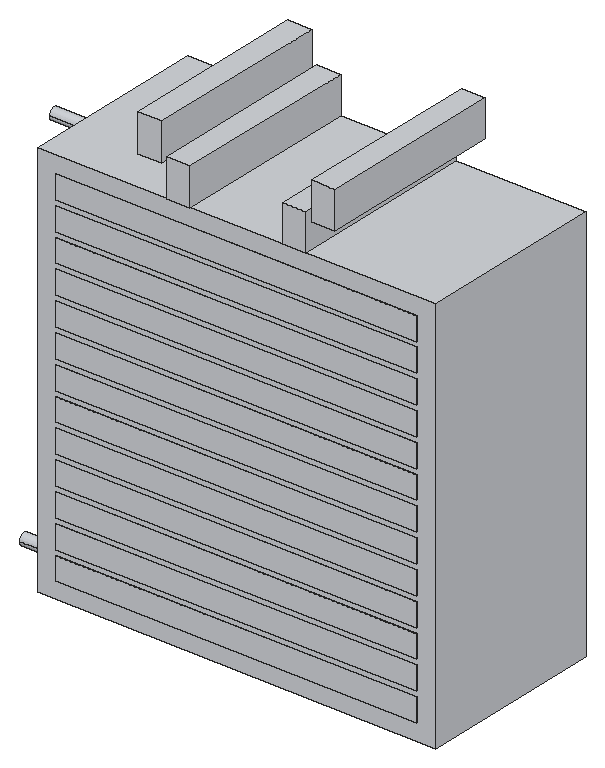
Revit family "Mark Tanner MDA verwarmer plafondmontage", category Mechanical Equipment, Revit 2016
Family settings
  Part Type = Normal
  Round Connector Dimension = Use Diameter
  OmniClass Number = 23.75.00.00
  OmniClass Title = Climate Control (HVAC)
  Work Plane-Based = No
  Always vertical = Yes
  Cut with Voids When Loaded = No
  Shared = No
  Room Calculation Point = No
Parameters
  zichtbaar_02 [instance] = horizontaal uitblazen  # yes
  zichtbaar_01 [instance] = not(horizontaal uitblazen)  # no
  voltage = 0 V
  vermogen = 0 W
  schijnbaar_vermogen = voltage * nominale stroom  # 0 VA
  o2 [instance] = if(hoek = 90.00°, 813 mm, 145 mm + h1 / 2)  # 575 mm
  o1 = 660 mm
  nominale stroom = 0 A
  lengte = l1  # 860 mm
  l3 = l1 + 100 mm  # 960 mm
  l2 = 450 mm
  l1 = h1  # 860 mm
  horizontaal uitblazen [instance] = yes
  hoogte = h1  # 860 mm
  hoek [instance] = if(horizontaal uitblazen, 0.00°, 90.00°)  # 0.00°
  h1 = 860 mm
  gewicht = ""
  elektrisch_vermogen = 0 W
  debiet = 0.0 L/s
  con 1_RN = con 1_DN / 2  # 12.5 mm
  con 1_DN = 25 mm
  breedte = b1  # 405 mm
  b2 = b1 - 80 mm  # 325 mm
  b1 = 405 mm
  artikelnummer = ""
  aantal_polen = 1
  URL = "http://www.mark.nl/producten/"
  Type Comments = "MDA 121, 2 rijige wisselaar, 1 fase 230V fan, ,waterzijdige aansluiting 1"
  Model = "MDA 100"
  Manufacturer = "Mark"  # constant formula
Reference planes
  plane 1 "Center (Front/Back)": y = 0
  plane 2: z = 0
  plane 3 "Center (Left/Right)": x = 0
  plane 4: x = -430
  plane 5: x = 430
  plane 6: z = -575
Lines and regions (mm)
  reference lines
    curve 1: line (0, 0, -575) -> (0, 660, -575)
Dimensions and locks
  "l1": plane 4 to plane 5
  equal spacing: plane 4, plane 3 "Center (Left/Right)", plane 5
  "o2": plane 2 to plane 6
  "o1": curve 1 to curve 1
  "hoek": angle curve 1 to plane 6
  aligned and locked: level to plane 2
  aligned and locked: plane 6 to curve 1
  aligned and locked: plane 1 "Center (Front/Back)" to curve 1
  aligned and locked: plane 1 "Center (Front/Back)" to nested 2
  aligned and locked: nested 1 to plane 1 "Center (Front/Back)"
  aligned and locked: nested 3 to curve 1
Nested families
  nested 1: "Plafond console met trillingsreduceerset" at (0, 0, 0) x (0, 1, 0) z (0, 0, 1), b1 <- "b2", l1 <- "l3", visible <- "zichtbaar_01", type "trillingsreduceerset"
    with l1 960 mm, b1 325 mm
  nested 2: "Plafond console" at (0, 202.5, 0) x (0, 1, 0) z (0, 0, 1), b1 <- "b2", l1 <- "b1", visible <- "zichtbaar_02", type "plafond console"
    with l1 405 mm, b1 325 mm
  nested 3: "Verwarmer" at (0, 202.5, -145), b1 <- "b1", h1 <- "h1", l1 <- "l1", r1 <- "con 1_RN", type "MDA 100"
    with r1 12.5 mm, l1 860 mm, h1 860 mm, b1 405 mm, b 780 mm, aantal 13, a 790 mm
Connectors
  electrical at (0, 202.5, -145), driven by "aantal_polen", driven by "voltage", driven by "schijnbaar_vermogen"
    settings: on nested 3, index 1, voltage 0 V, apparent load 0 VA, apparent load phase1 0 VA, apparent load phase2 0 VA, apparent load phase3 0 VA, power factor 1, load classification "Other", number of poles 1, system type 31, power factor state 1, is connector primary yes, connector utility no, sub classification motor no, connector description ""
  piping at (-522, 160, -181), diameter 25, driven by "con 1_DN"
    settings: on nested 3, index 2, connector inside diameter 609.6 mm, connector length 0 mm, flow factor 0, pipe flow 0.0 L/s, pressure drop 0.0 Pa, fitting loss kfactor 0, connector angle 0.00°, fixture units 0, engagement length 0 mm, angle of deflection 0.00°, flow configuration 0, flow direction 2, fitting loss method 0, system type 8, joint type 0, gender type 0, connector reference index -1, connector utility 0, adjustable connector no, is connector primary yes, connector description "retour"
  piping at (-522, 80, -969), diameter 25, driven by "con 1_DN"
    settings: on nested 3, index 3, connector inside diameter 609.6 mm, connector length 0 mm, flow factor 0, pipe flow 0.0 L/s, pressure drop 0.0 Pa, fitting loss kfactor 0, connector angle 0.00°, fixture units 0, engagement length 0 mm, angle of deflection 0.00°, flow configuration 0, flow direction 1, fitting loss method 0, system type 7, joint type 0, gender type 0, connector reference index -1, connector utility 0, adjustable connector no, is connector primary no, connector description ""
Definition of nested family "Plafond console met trillingsreduceerset"
  Parameters (values of type "trillingsreduceerset")
    l1 [instance] = 450 mm
    b1 [instance] = 300 mm
    artikelnummer = "5064051"  # constant formula
    URL = "http://www.mark.nl/producten/"
    Manufacturer = "Mark"  # constant formula
    Description = "plafond console"  # constant formula
  Reference planes
    plane 1 "Center (Front/Back)": y = 0
    plane 2: z = 0
    plane 3 "Center (Left/Right)": x = 0
    plane 4: x = -225
    plane 5: x = 225
    plane 6: y = 150
    plane 7: y = -150
    plane 8: z = -813
    plane 9: z = -813
  Forms (mm)
    Sweep 1, solid
      path origin (0, 0, 0) x (1, 0, 0) y (0, 0, 1)
        loop
          line (-225, -813) -> (-225, 0) -> (225, 0) -> (225, -813)
      profile origin (-225, 0, -406.5) x (-1, 0, 0) y (0, -1, 0)
        loop
          line (0, 150) -> (0, 200) -> (-50, 200) -> (-50, 150) -> (0, 150)
    Sweep 2, solid
      path origin (0, 0, 0) x (1, 0, 0) y (0, 0, 1)
        loop
          line (225, -813) -> (225, 0) -> (-225, 0) -> (-225, -813)
      profile origin (225, 0, -406.5) x (-1, 0, 0) y (0, -1, 0)
        loop
          line (0, -150) -> (0, -200) -> (50, -200) -> (50, -150) -> (0, -150)
  Dimensions and locks
    equal spacing: plane 4, plane 3 "Center (Left/Right)", plane 5
    "l1": plane 4 to plane 5
    equal spacing: plane 7, plane 1 "Center (Front/Back)", plane 6
    "b1": plane 6 to plane 7
    plane 2 to plane 8 = 813 mm
    plane 9 to plane 2 = 813 mm
    aligned and locked: level to plane 2
    aligned and locked: Sweep 1 sketch curve to plane 4
    aligned and locked: Sweep 1 sketch curve to plane 2
    aligned and locked: plane 5 to Sweep 1 sketch curve
    aligned and locked: plane 8 to Sweep 1 sketch curve  (x2)
    aligned and locked: Sweep 2 sketch curve to plane 5
    aligned and locked: plane 4 to Sweep 2 sketch curve
    aligned and locked: Sweep 2 sketch curve to plane 2
    aligned and locked: plane 9 to Sweep 2 sketch curve  (x2)
    aligned and locked: plane 6 to Sweep 2
    aligned and locked: plane 7 to Sweep 1
  Automatic sketch dimensions
    Sweep 1 sketch curve to profile plane = 0 mm
    profile plane to Sweep 1 sketch curve = 50 mm
    plane 1 "Center (Front/Back)" to Sweep 1 sketch curve = 150 mm
    Sweep 1 sketch curve to Sweep 1 sketch curve = 50 mm
    Sweep 2 sketch curve to profile plane = 0 mm
    Sweep 2 sketch curve to profile plane = 50 mm
    Sweep 2 sketch curve to plane 1 "Center (Front/Back)" = 200 mm
    Sweep 2 sketch curve to Sweep 2 sketch curve = 50 mm
Definition of nested family "Plafond console"
  Parameters (values of type "trillingsreduceerset")
    l1 [instance] = 450 mm
    b1 [instance] = 300 mm
    artikelnummer = "5064051"  # constant formula
    URL = "http://www.mark.nl/producten/"
    Manufacturer = "Mark"  # constant formula
    Description = "plafond console"  # constant formula
  Reference planes
    plane 1 "Center (Front/Back)": y = 0
    plane 2: z = 0
    plane 3 "Center (Left/Right)": x = 0
    plane 4: x = -225
    plane 5: x = 225
    plane 6: y = 150
    plane 7: y = -150
    plane 8: z = -813
    plane 9: z = -813
    plane 10: z = -878
    plane 11: z = -878
  Forms (mm)
    Sweep 1, solid
      path origin (0, 0, 0) x (1, 0, 0) y (0, 0, 1)
        loop
          line (-225, 0) -> (225, 0)
      profile origin (0, 0, 0) x (0, 0, 1) y (0, -1, 0)
        loop
          line (0, 150) -> (0, 200) -> (-80, 200) -> (-80, 150) -> (0, 150)
    Sweep 2, solid
      path origin (0, 0, 0) x (1, 0, 0) y (0, 0, 1)
        loop
          line (225, 0) -> (-225, 0)
      profile origin (0, 0, 0) x (0, 0, -1) y (0, -1, 0)
        loop
          line (0, -150) -> (0, -200) -> (80, -200) -> (80, -150) -> (0, -150)
    Sweep 3, solid
      path origin (0, -125, -65) x (1, 0, 0) y (0, 0, 1)
        loop
          line (225, 0) -> (-225, 0)
      profile origin (0, -125, -65) x (0, 0, -1) y (0, -1, 0)
        loop
          line (0, -225) -> (0, -275) -> (80, -275) -> (80, -225) -> (0, -225)
    Sweep 4, solid
      path origin (0, 125, -65) x (1, 0, 0) y (0, 0, 1)
        loop
          line (-225, 0) -> (225, 0)
      profile origin (0, 125, -65) x (0, 0, 1) y (0, -1, 0)
        loop
          line (0, 225) -> (0, 275) -> (-80, 275) -> (-80, 225) -> (0, 225)
  Dimensions and locks
    equal spacing: plane 4, plane 3 "Center (Left/Right)", plane 5
    "l1": plane 4 to plane 5
    equal spacing: plane 7, plane 1 "Center (Front/Back)", plane 6
    "b1": plane 6 to plane 7
    plane 2 to plane 8 = 813 mm
    plane 9 to plane 2 = 813 mm
    aligned and locked: level to plane 2
    aligned and locked: Sweep 1 sketch curve to plane 2
    aligned and locked: Sweep 2 sketch curve to plane 2
    aligned and locked: plane 6 to Sweep 2
    aligned and locked: Sweep 3 to Sweep 2
    aligned and locked: plane 7 to Sweep 1
    aligned and locked: Sweep 4 to Sweep 1
  Automatic sketch dimensions
    Sweep 1 sketch curve to plane 4 = 0 mm
    plane 5 to Sweep 1 sketch curve = 0 mm
    profile plane to Sweep 1 sketch curve = 0 mm
    profile plane to Sweep 1 sketch curve = 80 mm
    plane 1 "Center (Front/Back)" to Sweep 1 sketch curve = 150 mm
    Sweep 1 sketch curve to Sweep 1 sketch curve = 50 mm
    Sweep 2 sketch curve to plane 4 = 0 mm
    plane 5 to Sweep 2 sketch curve = 0 mm
    Sweep 2 sketch curve to profile plane = 0 mm
    Sweep 2 sketch curve to profile plane = 80 mm
    Sweep 2 sketch curve to plane 1 "Center (Front/Back)" = 200 mm
    Sweep 2 sketch curve to Sweep 2 sketch curve = 50 mm
    Sweep 3 sketch curve to level = 65 mm
    Sweep 3 sketch curve to plane 4 = 0 mm
    plane 5 to Sweep 3 sketch curve = 0 mm
    Sweep 3 sketch curve to profile plane = 0 mm
    Sweep 3 sketch curve to profile plane = 80 mm
    Sweep 3 sketch curve to profile plane = 275 mm
    Sweep 3 sketch curve to Sweep 3 sketch curve = 50 mm
    Sweep 4 sketch curve to level = 65 mm
    Sweep 4 sketch curve to plane 4 = 0 mm
    plane 5 to Sweep 4 sketch curve = 0 mm
    profile plane to Sweep 4 sketch curve = 0 mm
    profile plane to Sweep 4 sketch curve = 80 mm
    profile plane to Sweep 4 sketch curve = 225 mm
    Sweep 4 sketch curve to Sweep 4 sketch curve = 50 mm
Definition of nested family "Verwarmer"
  Parameters (values of type "MDA 100")
    r1 [instance] = 12.5 mm
    l1 [instance] = 860 mm
    h1 [instance] = 860 mm
    b1 [instance] = 405 mm
    b [instance] = l1 - 80 mm  # 780 mm
    aantal [instance] = a / 60 mm  # 13
    a [instance] = h1 - 70 mm  # 790 mm
    Default Elevation = 1219.2 mm
  Reference planes
    plane 1 "Center (Front/Back)": y = 0
    plane 2: z = 0
    plane 3 "Center (Left/Right)": x = 0
    plane 4: x = -430
    plane 5: x = 430
    plane 6: x = -390
    plane 7: x = 390
    plane 8: y = 202.5
    plane 9: y = -202.5
    plane 10: y = -42.5
    plane 11: y = -122.5
    plane 12: z = -860
    plane 13: z = -36
    plane 14: z = -824
    plane 15: z = -430
  Forms (mm)
    Extrusion 1, solid
      sketch origin (0, 0, 0) x (1, 0, 0) y (0, 1, 0)
        loop
          line (-430, 202.5) -> (-430, -202.5) -> (430, -202.5) -> (430, 202.5) -> (-430, 202.5)
      from 0 to -860
    Sweep 2, solid
      path origin (1317.187, -1524, -36) x (0, -1, 0) y (1, 0, 0)
        loop
          line (-1401.5, -1747.187) -> (-1401.5, -1839.187)
      profile origin (-476, -122.5, -36) x (0, -1, 0) y (0, 0, 1)
        loop
          circle (0, -788) r 12.5
    Sweep 3, solid
      path origin (0, 0, 0) x (1, 0, 0) y (0, 1, 0)
        loop
          line (-522, -30) -> (-430, -30)
      profile origin (-476, -30, 0) x (0, 1, 0) y (0, 0, 1)
        loop
          circle (-12.5, -36) r 12.5
  Dimensions and locks
    equal spacing: plane 4, plane 3 "Center (Left/Right)", plane 5
    "l1": plane 4 to plane 5
    equal spacing: plane 6, plane 3 "Center (Left/Right)", plane 7
    "b1": plane 8 to plane 9
    equal spacing: plane 8, plane 1 "Center (Front/Back)", plane 9
    locked: plane 9 to plane 11 at 80
    locked: plane 10 to plane 9 at 160
    equal spacing: plane 2, plane 15, plane 12
    "h1": plane 2 to plane 12
    locked: plane 14 to plane 12 at 36
    locked: plane 2 to plane 13 at 36
    plane 13 to plane 14 = 788 mm
    equal spacing: plane 7, plane 3 "Center (Left/Right)", plane 6
    "b": plane 6 to plane 7
    equal spacing: group 1, group 3, group 4, group 5, group 6, group 7, group 8, group 9, group 10, group 11, group 12, group 13, group 2  (x2)
    equal spacing: group 2, group 13, group 12, group 11, group 10, group 9, group 8, group 7, group 6, group 5, group 4, group 3, group 1
    "r1": radius of Sweep 2 sketch curve
    "r1": radius of Sweep 3 sketch curve
    aligned and locked: level to plane 2
    aligned and locked: Extrusion 1 sketch curve to plane 8
    aligned and locked: plane 4 to Extrusion 1 sketch curve
    aligned and locked: plane 5 to Extrusion 1 sketch curve
    aligned and locked: plane 9 to Extrusion 1 sketch curve
    aligned and locked: Extrusion 1 to plane 12
    aligned and locked: plane 4 to Sweep 2 sketch curve
    aligned and locked: Sweep 2 sketch curve to plane 11  (x2)
    aligned and locked: plane 14 to Sweep 2 sketch curve
    aligned and locked: plane 4 to Sweep 3 sketch curve
    aligned and locked: plane 13 to Sweep 3 sketch curve
    aligned and locked: plane 10 to Sweep 3 sketch curve
    aligned and locked: plane 3 "Center (Left/Right)" to nested 1
    aligned and locked: nested 1 to plane 9
    aligned and locked: nested 2 to plane 14
    aligned and locked: nested 2 to plane 9
  Automatic sketch dimensions
    Sweep 2 sketch curve to Sweep 2 sketch curve = 92 mm
    Sweep 3 sketch curve to plane 4 = 92 mm
    plane 1 "Center (Front/Back)" to Sweep 3 sketch curve = 30 mm
  Nested families
    nested 1: "Family5" at (0, -202.5, -36), a <- "b", type "Family5"
      with a 780 mm
    nested 2: "Family5" at (0, -202.5, -774), a <- "b", type "Family5"
      with a 780 mm
    nested 3: "Family5" at (0, -202.5, -97.5), a <- "b", type "Family5"
      with a 780 mm
    nested 4: "Family5" at (0, -202.5, -159), a <- "b", type "Family5"
      with a 780 mm
    nested 5: "Family5" at (0, -202.5, -220.5), a <- "b", type "Family5"
      with a 780 mm
    nested 6: "Family5" at (0, -202.5, -282), a <- "b", type "Family5"
      with a 780 mm
    nested 7: "Family5" at (0, -202.5, -343.5), a <- "b", type "Family5"
      with a 780 mm
    nested 8: "Family5" at (0, -202.5, -405), a <- "b", type "Family5"
      with a 780 mm
    nested 9: "Family5" at (0, -202.5, -466.5), a <- "b", type "Family5"
      with a 780 mm
    nested 10: "Family5" at (0, -202.5, -528), a <- "b", type "Family5"
      with a 780 mm
    nested 11: "Family5" at (0, -202.5, -589.5), a <- "b", type "Family5"
      with a 780 mm
    nested 12: "Family5" at (0, -202.5, -651), a <- "b", type "Family5"
      with a 780 mm
    nested 13: "Family5" at (0, -202.5, -712.5), a <- "b", type "Family5"
      with a 780 mm
  Definition of nested family "Family5"
    Parameters (values of type "Family5")
      a [instance] = 752.12 mm
    Reference planes
      plane 1 "Center (Front/Back)": y = 0
      plane 2: z = 0
      plane 3 "Center (Left/Right)": x = 0
    Forms (mm)
      Extrusion 1, solid
        sketch origin (0, 0, 0) x (1, 0, 0) y (0, 1, 0)
          loop
            line (-376.06, 1.5) -> (-376.06, -1.5) -> (376.06, -1.5) -> (376.06, 1.5) -> (-376.06, 1.5)
        from -50 to 0
    Dimensions and locks
      equal spacing: Extrusion 1 sketch curve, plane 3 "Center (Left/Right)", Extrusion 1 sketch curve
      "a": Extrusion 1 sketch curve to Extrusion 1 sketch curve
      aligned and locked: level to plane 2
    Automatic sketch dimensions
      plane 1 "Center (Front/Back)" to Extrusion 1 sketch curve = 1.5 mm
      Extrusion 1 sketch curve to plane 1 "Center (Front/Back)" = 1.5 mm
Types in the file's own list only (42): name | voltage | vermogen | schijnbaar_vermogen | nominale stroom | lengte | l3 | l2 | l1 | hoogte | h1 | gewicht | elektrisch_vermogen | debiet | con 1_RN | con 1_DN | breedte | b2 | b1 | artikelnummer | aantal_polen | URL | Type Comments | Model
  Tanner MDA 121L | 230 V | 14500 W | 108 VA | 0 A | 450 mm | 550 mm | 387 mm | 450 mm | 450 mm | 450 mm | "22" | 90 W | 1595.0 L/s | 13 mm | 25 mm | 380 mm | 300 mm | 380 mm | "MDA 121L" | 1 | "http://www.mark.nl/luchtverwarming/watergevoed/tanner-mda/" | "MDA 121 ( 2 rijige wisselaar 1 fase 230 V fan waterzijdige aansluiting 1  laag toerental )" | "MDA 100"
  Tanner MDA 131L | 230 V | 17000 W | 108 VA | 0 A | 450 mm | 550 mm | 387 mm | 450 mm | 450 mm | 450 mm | "23" | 90 W | 1446.0 L/s | 13 mm | 25 mm | 380 mm | 300 mm | 380 mm | "MDA 131L" | 1 | "http://www.mark.nl/luchtverwarming/watergevoed/tanner-mda/" | "MDA 131 ( 3 rijige wisselaar  1 fase 230 V fan waterzijdige aansluiting 1 laag toerental)" | "MDA 100"
  Tanner MDA 141L | 230 V | 19000 W | 108 VA | 0 A | 450 mm | 550 mm | 387 mm | 450 mm | 450 mm | 450 mm | "24" | 90 W | 1265.0 L/s | 13 mm | 25 mm | 380 mm | 300 mm | 380 mm | "MDA 141L" | 1 | "http://www.mark.nl/luchtverwarming/watergevoed/tanner-mda/" | "MDA 131 ( 4 rijige wisselaar  1 fase 230 V fan waterzijdige aansluiting 1 laag toerental)" | "MDA 100"
  Tanner MDA 211L | 230 V | 14100 W | 117 VA | 1 A | 580 mm | 680 mm | 517 mm | 580 mm | 580 mm | 580 mm | "30" | 120 W | 2805.0 L/s | 13 mm | 25 mm | 385 mm | 305 mm | 385 mm | "MDA 211L" | 1 | "http://www.mark.nl/luchtverwarming/watergevoed/tanner-mda/" | "MDA 211 ( 1 rijige wisselaar  1 fase 230 V fanwaterzijdige aansluiting 1 laag toerental)" | "MDA 200"
  Tanner MDA 221L | 230 V | 25100 W | 117 VA | 1 A | 580 mm | 680 mm | 517 mm | 580 mm | 580 mm | 580 mm | "32" | 120 W | 2656.0 L/s | 13 mm | 25 mm | 385 mm | 305 mm | 385 mm | "MDA 221L" | 1 | "http://www.mark.nl/luchtverwarming/watergevoed/tanner-mda/" | "MDA 221 ( 2 rijige wisselaar  1 fase 230 V fan waterzijdige aansluiting 1 laag toerental)" | "MDA 200"
  Tanner MDA 231L | 230 V | 30800 W | 117 VA | 1 A | 580 mm | 680 mm | 517 mm | 580 mm | 580 mm | 580 mm | "34" | 120 W | 2381.0 L/s | 13 mm | 25 mm | 385 mm | 305 mm | 385 mm | "MDA 231L" | 1 | "http://www.mark.nl/luchtverwarming/watergevoed/tanner-mda/" | "MDA 231 ( 3 rijige wisselaar  1 fase 230 V fan waterzijdige aansluiting 1 laag toerental)" | "MDA 200"
  Tanner MDA 241L | 230 V | 33300 W | 117 VA | 1 A | 580 mm | 680 mm | 517 mm | 580 mm | 580 mm | 580 mm | "36" | 120 W | 2230.0 L/s | 13 mm | 25 mm | 385 mm | 305 mm | 385 mm | "MDA 241L" | 1 | "http://www.mark.nl/luchtverwarming/watergevoed/tanner-mda/" | "MDA 241 ( 4 rijige wisselaar  1 fase 230 V fan waterzijdige aansluiting 1 laag toerental)" | "MDA 200"
  Tanner MDA 321L | 230 V | 52700 W | 391 VA | 2 A | 730 mm | 830 mm | 667 mm | 730 mm | 730 mm | 730 mm | "43" | 330 W | 6495.0 L/s | 13 mm | 25 mm | 385 mm | 305 mm | 385 mm | "MDA 321L" | 1 | "http://www.mark.nl/luchtverwarming/watergevoed/tanner-mda/" | "MDA 321 ( 2 rijige wisselaar  1 fase 230 V fan waterzijdige aansluiting 1 laag toerental)" | "MDA 300"
  Tanner MDA 331L | 230 V | 65900 W | 391 VA | 2 A | 730 mm | 830 mm | 667 mm | 730 mm | 730 mm | 730 mm | "46" | 330 W | 5857.0 L/s | 16 mm | 32 mm | 385 mm | 305 mm | 385 mm | "MDA 331L" | 1 | "http://www.mark.nl/luchtverwarming/watergevoed/tanner-mda/" | "MDA 331 ( 3 rijige wisselaar  1 fase 230 V fan waterzijdige aansluiting 11/4 laag toerental)" | "MDA 300"
  Tanner MDA 341L | 230 V | 72100 W | 391 VA | 2 A | 730 mm | 830 mm | 667 mm | 730 mm | 730 mm | 730 mm | "49" | 330 W | 5423.0 L/s | 16 mm | 32 mm | 385 mm | 305 mm | 385 mm | "MDA 341L" | 1 | "http://www.mark.nl/luchtverwarming/watergevoed/tanner-mda/" | "MDA 341 ( 4 rijige wisselaar  1 fase 230 V fan waterzijdige aansluiting 11/4 laag toerental)" | "MDA 300"
  Tanner MDA 411L | 230 V | 42500 W | 598 VA | 3 A | 860 mm | 960 mm | 667 mm | 860 mm | 860 mm | 860 mm | "51" | 550 W | 10320.0 L/s | 16 mm | 32 mm | 405 mm | 325 mm | 405 mm | "MDA 411L" | 1 | "http://www.mark.nl/luchtverwarming/watergevoed/tanner-mda/" | "MDA 411 ( 1 rijige wisselaar  1 fase 230 V fanwaterzijdige aansluiting 11/4 laag toerental)" | "MDA 400"
  Tanner MDA 421L | 230 V | 80000 W | 598 VA | 3 A | 860 mm | 960 mm | 667 mm | 860 mm | 860 mm | 860 mm | "55" | 550 W | 9933.0 L/s | 16 mm | 32 mm | 405 mm | 325 mm | 405 mm | "MDA 421L" | 1 | "http://www.mark.nl/luchtverwarming/watergevoed/tanner-mda/" | "MDA 421 ( 2 rijige wisselaar  1 fase 230 V fanwaterzijdige aansluiting 11/4 laag toerental)" | "MDA 400"
  Tanner MDA 431L | 230 V | 101000 W | 598 VA | 3 A | 860 mm | 960 mm | 667 mm | 860 mm | 860 mm | 860 mm | "59" | 550 W | 8816.0 L/s | 20 mm | 40 mm | 405 mm | 325 mm | 405 mm | "MDA 431L" | 1 | "http://www.mark.nl/luchtverwarming/watergevoed/tanner-mda/" | "MDA 431 ( 3 rijige wisselaar  1 fase 230 V fanwaterzijdige aansluiting 11/2 laag toerental)" | "MDA 400"
  Tanner MDA 441L | 230 V | 110000 W | 598 VA | 3 A | 860 mm | 960 mm | 667 mm | 860 mm | 860 mm | 860 mm | "63" | 550 W | 8217.0 L/s | 20 mm | 40 mm | 405 mm | 325 mm | 405 mm | "MDA 441L" | 1 | "http://www.mark.nl/luchtverwarming/watergevoed/tanner-mda/" | "MDA 441 ( 4 rijige wisselaar  1 fase 230 V fanwaterzijdige aansluiting 11/2 laag toerental)" | "MDA 400"
  Tanner MDA 121H | 230 V | 18000 W | 154 VA | 1 A | 450 mm | 550 mm | 387 mm | 450 mm | 450 mm | 450 mm | "22" | 150 W | 2365.0 L/s | 13 mm | 25 mm | 380 mm | 300 mm | 380 mm | "MDA 121H" | 1 | "http://www.mark.nl/luchtverwarming/watergevoed/tanner-mda/" | "MDA 121 ( 2 rijige wisselaar  1 fase 230 V fan waterzijdige aansluiting 1 hoog toerental)" | "MDA 100"
  Tanner MDA 131H | 230 V | 22100 W | 154 VA | 1 A | 450 mm | 550 mm | 387 mm | 450 mm | 450 mm | 450 mm | "23" | 150 W | 2244.0 L/s | 13 mm | 25 mm | 380 mm | 300 mm | 380 mm | "MDA 131H" | 1 | "http://www.mark.nl/luchtverwarming/watergevoed/tanner-mda/" | "MDA 131 ( 3 rijige wisselaar  1 fase 230 V fan waterzijdige aansluiting 1 hoog toerental)" | "MDA 100"
  Tanner MDA 141H | 230 V | 25100 W | 154 VA | 1 A | 450 mm | 550 mm | 387 mm | 450 mm | 450 mm | 450 mm | "24" | 150 W | 1914.0 L/s | 13 mm | 25 mm | 380 mm | 300 mm | 380 mm | "MDA 141H" | 1 | "http://www.mark.nl/luchtverwarming/watergevoed/tanner-mda/" | "MDA 131 ( 4 rijige wisselaar  1 fase 230 V fan waterzijdige aansluiting 1 hoog toerental)" | "MDA 100"
  Tanner MDA 211H | 230 V | 17200 W | 311 VA | 1 A | 580 mm | 680 mm | 517 mm | 580 mm | 580 mm | 580 mm | "30" | 280 W | 4450.0 L/s | 13 mm | 25 mm | 385 mm | 305 mm | 385 mm | "MDA 211H" | 1 | "http://www.mark.nl/luchtverwarming/watergevoed/tanner-mda/" | "MDA 211 ( 1 rijige wisselaar  1 fase 230 V fan waterzijdige aansluiting 1 hoog toerental)" | "MDA 200"
  Tanner MDA 221H | 230 V | 32400 W | 311 VA | 1 A | 580 mm | 680 mm | 517 mm | 580 mm | 580 mm | 580 mm | "32" | 280 W | 4202.0 L/s | 13 mm | 25 mm | 385 mm | 305 mm | 385 mm | "MDA 221H" | 1 | "http://www.mark.nl/luchtverwarming/watergevoed/tanner-mda/" | "MDA 221 ( 2 rijige wisselaar  1 fase 230 V fan waterzijdige aansluiting 1 hoog toerental)" | "MDA 200"
  Tanner MDA 231H | 230 V | 42000 W | 311 VA | 1 A | 580 mm | 680 mm | 517 mm | 580 mm | 580 mm | 580 mm | "34" | 280 W | 3932.0 L/s | 13 mm | 25 mm | 385 mm | 305 mm | 385 mm | "MDA 231H" | 1 | "http://www.mark.nl/luchtverwarming/watergevoed/tanner-mda/" | "MDA 231 ( 3 rijige wisselaar  1 fase 230 V fan waterzijdige aansluiting 1 hoog toerental)" | "MDA 200"
  Tanner MDA 241H | 230 V | 46600 W | 311 VA | 1 A | 580 mm | 680 mm | 517 mm | 580 mm | 580 mm | 580 mm | "34" | 280 W | 3734.0 L/s | 13 mm | 25 mm | 385 mm | 305 mm | 385 mm | "MDA 241H" | 1 | "http://www.mark.nl/luchtverwarming/watergevoed/tanner-mda/" | "MDA 241 ( 4 rijige wisselaar  1 fase 230 V fan waterzijdige aansluiting 1 hoog toerental)" | "MDA 200"
  Tanner MDA 123L | 400 V | 14500 W | 40 VA | 0 A | 450 mm | 550 mm | 387 mm | 450 mm | 450 mm | 450 mm | "22" | 50 W | 1595.0 L/s | 13 mm | 25 mm | 380 mm | 300 mm | 380 mm | "MDA 123L" | 3 | "http://www.mark.nl/luchtverwarming/watergevoed/tanner-mda/" | "MDA 123 ( 2 rijige wisselaar  3 fase 400 V fan waterzijdige aansluiting 1 laag toerental)" | "MDA 100"
  Tanner MDA 133L | 400 V | 17000 W | 40 VA | 0 A | 450 mm | 550 mm | 387 mm | 450 mm | 450 mm | 450 mm | "23" | 50 W | 1446.0 L/s | 13 mm | 25 mm | 380 mm | 300 mm | 380 mm | "MDA 133L" | 3 | "http://www.mark.nl/luchtverwarming/watergevoed/tanner-mda/" | "MDA 133 ( 3 rijige wisselaar  3 fase 400 V fan waterzijdige aansluiting 1 laag toerental)" | "MDA 100"
  Tanner MDA 143L | 400 V | 19000 W | 40 VA | 0 A | 450 mm | 550 mm | 387 mm | 450 mm | 450 mm | 450 mm | "24" | 50 W | 1265.0 L/s | 13 mm | 25 mm | 380 mm | 300 mm | 380 mm | "MDA 143L" | 3 | "http://www.mark.nl/luchtverwarming/watergevoed/tanner-mda/" | "MDA 133 ( 4 rijige wisselaar  3 fase 400 V fan waterzijdige aansluiting 1 laag toerental)" | "MDA 100"
  Tanner MDA 213L | 400 V | 14800 W | 120 VA | 0 A | 580 mm | 680 mm | 517 mm | 580 mm | 580 mm | 580 mm | "30" | 120 W | 3050.0 L/s | 13 mm | 25 mm | 385 mm | 305 mm | 385 mm | "MDA 213L" | 3 | "http://www.mark.nl/luchtverwarming/watergevoed/tanner-mda/" | "MDA 213 ( 1 rijige wisselaar  3 fase 400 V fan waterzijdige aansluiting 1 laag toerental)" | "MDA 200"
  Tanner MDA 223L | 400 V | 26200 W | 120 VA | 0 A | 580 mm | 680 mm | 517 mm | 580 mm | 580 mm | 580 mm | "32" | 120 W | 2865.0 L/s | 13 mm | 25 mm | 385 mm | 305 mm | 385 mm | "MDA 223L" | 3 | "http://www.mark.nl/luchtverwarming/watergevoed/tanner-mda/" | "MDA 223 ( 2 rijige wisselaar  3 fase 400 V fan waterzijdige aansluiting 1 laag toerental)" | "MDA 200"
  Tanner MDA 233L | 400 V | 32400 W | 120 VA | 0 A | 580 mm | 680 mm | 517 mm | 580 mm | 580 mm | 580 mm | "34" | 120 W | 2574.0 L/s | 13 mm | 25 mm | 385 mm | 305 mm | 385 mm | "MDA 233L" | 3 | "http://www.mark.nl/luchtverwarming/watergevoed/tanner-mda/" | "MDA 233 ( 3 rijige wisselaar  3 fase 400 V fan waterzijdige aansluiting 1 laag toerental)" | "MDA 200"
  Tanner MDA 243L | 400 V | 35100 W | 120 VA | 0 A | 580 mm | 680 mm | 517 mm | 580 mm | 580 mm | 580 mm | "36" | 120 W | 2414.0 L/s | 13 mm | 25 mm | 385 mm | 305 mm | 385 mm | "MDA 243L" | 3 | "http://www.mark.nl/luchtverwarming/watergevoed/tanner-mda/" | "MDA 243 ( 4 rijige wisselaar  3 fase 400 V fan waterzijdige aansluiting 1 laag toerental)" | "MDA 200"
  Tanner MDA 323L | 400 V | 52700 W | 272 VA | 1 A | 730 mm | 830 mm | 667 mm | 730 mm | 730 mm | 730 mm | "43" | 280 W | 6495.0 L/s | 13 mm | 25 mm | 385 mm | 305 mm | 385 mm | "MDA 323L" | 3 | "http://www.mark.nl/luchtverwarming/watergevoed/tanner-mda/" | "MDA 323 ( 2 rijige wisselaar  3 fase 400 V fan  waterzijdige aansluiting 1 laag toerental)" | "MDA 300"
  Tanner MDA 333L | 400 V | 65900 W | 272 VA | 1 A | 730 mm | 830 mm | 667 mm | 730 mm | 730 mm | 730 mm | "46" | 280 W | 5857.0 L/s | 16 mm | 32 mm | 385 mm | 305 mm | 385 mm | "MDA 333L" | 3 | "http://www.mark.nl/luchtverwarming/watergevoed/tanner-mda/" | "MDA 333 ( 3 rijige wisselaar  3 fase 400 V fan  waterzijdige aansluiting 11/4 laag toerental)" | "MDA 300"
  Tanner MDA 343L | 400 V | 72100 W | 272 VA | 1 A | 730 mm | 830 mm | 667 mm | 730 mm | 730 mm | 730 mm | "46" | 280 W | 5423.0 L/s | 16 mm | 32 mm | 385 mm | 305 mm | 385 mm | "MDA 343L" | 3 | "http://www.mark.nl/luchtverwarming/watergevoed/tanner-mda/" | "MDA 343 ( 4 rijige wisselaar  3 fase 400 V fan  waterzijdige aansluiting 11/4 laag toerental)" | "MDA 300"
  Tanner MDA 413L | 400 V | 45200 W | 620 VA | 2 A | 860 mm | 960 mm | 667 mm | 860 mm | 860 mm | 860 mm | "52" | 510 W | 11600.0 L/s | 16 mm | 32 mm | 405 mm | 325 mm | 405 mm | "MDA 413L" | 3 | "http://www.mark.nl/luchtverwarming/watergevoed/tanner-mda/" | "MDA 413 ( 1 rijige wisselaar  3 fase 400 V fan  waterzijdige aansluiting 11/4 laag toerental)" | "MDA 400"
  Tanner MDA 423L | 400 V | 84000 W | 400 VA | 1 A | 860 mm | 960 mm | 667 mm | 860 mm | 860 mm | 860 mm | "52" | 510 W | 10868.0 L/s | 16 mm | 32 mm | 405 mm | 325 mm | 405 mm | "MDA 423L" | 3 | "http://www.mark.nl/luchtverwarming/watergevoed/tanner-mda/" | "MDA 423 ( 2 rijige wisselaar  3 fase 400 V fan  waterzijdige aansluiting 11/4 laag toerental)" | "MDA 400"
  Tanner MDA 433L | 400 V | 107000 W | 400 VA | 1 A | 860 mm | 960 mm | 667 mm | 860 mm | 860 mm | 860 mm | "61" | 510 W | 9735.0 L/s | 20 mm | 40 mm | 405 mm | 325 mm | 405 mm | "MDA 433L" | 3 | "http://www.mark.nl/luchtverwarming/watergevoed/tanner-mda/" | "MDA 433 ( 3 rijige wisselaar  3 fase 400 V fan  waterzijdige aansluiting 11/2 laag toerental)" | "MDA 400"
  Tanner MDA 443L | 400 V | 117000 W | 400 VA | 1 A | 860 mm | 960 mm | 667 mm | 860 mm | 860 mm | 860 mm | "64" | 510 W | 9064.0 L/s | 20 mm | 40 mm | 405 mm | 325 mm | 405 mm | "MDA 443L" | 3 | "http://www.mark.nl/luchtverwarming/watergevoed/tanner-mda/" | "MDA 443 ( 4 rijige wisselaar  3 fase 400 V fan  waterzijdige aansluiting 11/2 laag toerental)" | "MDA 400"
  Tanner MDA 123H | 230 V | 18000 W | 58 VA | 0 A | 450 mm | 550 mm | 387 mm | 450 mm | 450 mm | 450 mm | "22" | 150 W | 2365.0 L/s | 13 mm | 25 mm | 380 mm | 300 mm | 380 mm | "MDA 123H" | 1 | "http://www.mark.nl/luchtverwarming/watergevoed/tanner-mda/" | "MDA 123 ( 2 rijige wisselaar  3 fase 400 V fan waterzijdige aansluiting 1 hoog toerental)" | "MDA 100"
  Tanner MDA 133H | 230 V | 22100 W | 58 VA | 0 A | 450 mm | 550 mm | 387 mm | 450 mm | 450 mm | 450 mm | "23" | 150 W | 2244.0 L/s | 13 mm | 25 mm | 380 mm | 300 mm | 380 mm | "MDA 133H" | 1 | "http://www.mark.nl/luchtverwarming/watergevoed/tanner-mda/" | "MDA 133 ( 3 rijige wisselaar  3 fase 400 V fan waterzijdige aansluiting 1 hoog toerental)" | "MDA 100"
  Tanner MDA 143H | 230 V | 25100 W | 58 VA | 0 A | 450 mm | 550 mm | 387 mm | 450 mm | 450 mm | 450 mm | "24" | 150 W | 1914.0 L/s | 13 mm | 25 mm | 380 mm | 300 mm | 380 mm | "MDA 143H" | 1 | "http://www.mark.nl/luchtverwarming/watergevoed/tanner-mda/" | "MDA 133 ( 4 rijige wisselaar  3 fase 400 V fan waterzijdige aansluiting 1 hoog toerental)" | "MDA 100"
  Tanner MDA 213H | 230 V | 17200 W | 154 VA | 1 A | 580 mm | 680 mm | 517 mm | 580 mm | 580 mm | 580 mm | "30" | 280 W | 4450.0 L/s | 13 mm | 25 mm | 385 mm | 305 mm | 385 mm | "MDA 213H" | 1 | "http://www.mark.nl/luchtverwarming/watergevoed/tanner-mda/" | "MDA 213 ( 1 rijige wisselaar  3 fase 400 V fan waterzijdige aansluiting 1 hoog toerental)" | "MDA 200"
  Tanner MDA 223H | 230 V | 32400 W | 154 VA | 1 A | 580 mm | 680 mm | 517 mm | 580 mm | 580 mm | 580 mm | "32" | 280 W | 4202.0 L/s | 13 mm | 25 mm | 385 mm | 305 mm | 385 mm | "MDA 223H" | 1 | "http://www.mark.nl/luchtverwarming/watergevoed/tanner-mda/" | "MDA 223 ( 2 rijige wisselaar  3 fase 400 V fan waterzijdige aansluiting 1 hoog toerental)" | "MDA 200"
  Tanner MDA 233H | 230 V | 42000 W | 154 VA | 1 A | 580 mm | 680 mm | 517 mm | 580 mm | 580 mm | 580 mm | "34" | 280 W | 3932.0 L/s | 13 mm | 25 mm | 385 mm | 305 mm | 385 mm | "MDA 233H" | 1 | "http://www.mark.nl/luchtverwarming/watergevoed/tanner-mda/" | "MDA 233 ( 3 rijige wisselaar  3 fase 400 V fan waterzijdige aansluiting 1 hoog toerental)" | "MDA 200"
  Tanner MDA 243H | 230 V | 46600 W | 154 VA | 1 A | 580 mm | 680 mm | 517 mm | 580 mm | 580 mm | 580 mm | "34" | 280 W | 3734.0 L/s | 13 mm | 25 mm | 385 mm | 305 mm | 385 mm | "MDA 243H" | 1 | "http://www.mark.nl/luchtverwarming/watergevoed/tanner-mda/" | "MDA 243 ( 4 rijige wisselaar  3 fase 400 V fan waterzijdige aansluiting 1 hoog toerental)" | "MDA 200"
